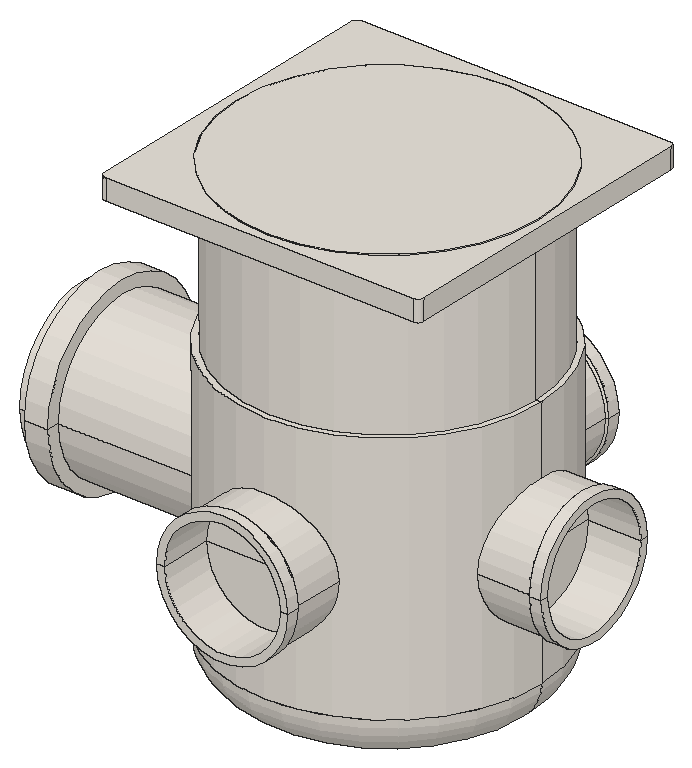
Revit family "Cx_Sif_Quadrada_3E_100x100x150x50", category Pipe Fittings, Revit 2025
Family settings
  Round Connector Dimension = Use Diameter
  Part Type = Multi Port
  OmniClass Number = 23.27.43.00
  Work Plane-Based = No
  Always vertical = Yes
  Cut with Voids When Loaded = No
  Shared = No
Parameters (values of type "Caixa Sif 100X100-150X50-Quadrada-3E")
  Ângulo do Grelha [instance] = 0.00°
  t2 [instance] = size_lookup("Amanco Caixa 100X100-150X50", "t2", 0 mm, Tank Depth Check)  # 4 mm
  t1 [instance] = size_lookup("Amanco Caixa 100X100-150X50", "t1", 0 mm, Tank Depth Check)  # 8 mm
  product_serie = "Esgoto"
  material = Amanco Esgoto Caixas e Ralos
  j1 [instance] = size_lookup("Amanco Caixa 100X100-150X50", "j1", 0 mm, Tank Depth Check)  # 5 mm
  Z3 [instance] = size_lookup("Amanco Caixa 100X100-150X50", "Z3", 0 mm, Tank Depth Check)  # 101.71 mm
  Z2 [instance] = size_lookup("Amanco Caixa 100X100-150X50", "Z2", 0 mm, Tank Depth Check)  # 52.9 mm
  Z1 [instance] = size_lookup("Amanco Caixa 100X100-150X50", "Z1", 0 mm, Tank Depth Check)  # 65.19 mm
  Ws [instance] = size_lookup("Amanco Caixa 100X100-150X50", "Ws", 0 mm, Tank Depth Check)  # 45 mm
  Vis Prolongamento [instance] = and(Prolongamento, not(Altura do Grelha Check = P3 + 7 mm))  # yes
  Vis Grelha Vórtice Inox Redonda [instance] = and(or(Tipo de Caixa = [100x100x50 Redonda Grelha Branca], Tipo de Caixa = [100x150x50 Redonda Grelha Branca]), Tipo de Grelha = [Grelha Vórtice Inox Abre/Fecha])  # no
  Vis Grelha Vórtice Inox Quadrada [instance] = and(or(Tipo de Caixa = [100x100x50 Quadrada Grelha Aluminio], Tipo de Caixa = [100x150x50 Quadrada Grelha Aluminio]), Tipo de Grelha = [Grelha Vórtice Inox Abre/Fecha])  # no
  Vis Grelha Vórtice Branca Redonda [instance] = and(or(Tipo de Caixa = [100x100x50 Redonda Grelha Branca], Tipo de Caixa = [100x150x50 Redonda Grelha Branca]), Tipo de Grelha = [Grelha Vórtice Branca Abre/Fecha])  # no
  Vis Grelha Vórtice Branca Quadrada [instance] = and(Tipo de Caixa = [100x100x50 Quadrada Grelha Branca], Tipo de Grelha = [Grelha Vórtice Branca Abre/Fecha])  # no
  Vis Disp anti Infiltration [instance] = and(Prolongamento, Disp. Anti Infiltração, Altura do Grelha > 39 mm + 7 mm + P3)  # no
  UniClass Version = 2015
  UniClass Title = "Unplasticized polyvinyl chloride (PVC-U) drainage pipe and fittings"
  UniClass Number = "65.52.63.87"
  URL = "https://www.wavin.com/pt-br/Catalogo/Predial/Sistemas-Sanitarios/Caixas"
  Type IFC Predefined Type = "CONNECTOR"
  Tipo de Grelha [instance] = Tipo de Grelha : Grelha Branca
  Line [instance] = if(Tipo de Caixa = [100x100x50 Quadrada Grelha Branca], 1, if(Tipo de Caixa = [100x100x50 Quadrada Grelha Aluminio], 1, if(Tipo de Caixa = [100x150x50 Quadrada Grelha Aluminio], 1, if(Tipo de Caixa = [100x100x50 Redonda Grelha Branca], 2, if(Tipo de Caixa = [100x150x50 Redonda Grelha Branca], 2, 0)))))  # 2
  Grelha Vórtice Inox Abre/Fecha [instance] = Tipo de Grelha : Grelha Vórtice Inox Abre/Fecha
  Grelha Vórtice Branca Abre/Fecha [instance] = Tipo de Grelha : Grelha Vórtice Branca Abre/Fecha
  Grelha Vórtice [instance] = and(not(Tipo de Grelha = Grelha Branca), not(Tipo de Grelha = Grelha Alumínio))  # no
  Grelha Branca [instance] = Tipo de Grelha : Grelha Branca
  Grelha Alumínio [instance] = Tipo de Grelha : Grelha Alumínio
  Export Type to IFC As = "IfcPipeFitting"
  Default Elevation = 0 mm
  Type Comments = "Esgoto"  # constant formula
  TipodeAtivo = "Fixo"
  TempoUtil = 50
  Tank Depth Check [instance] = if(or(Tipo de Caixa = [100x150x50 Quadrada Grelha Aluminio], Tipo de Caixa = [100x150x50 Redonda Grelha Branca]), 150 mm, 100 mm)  # 100 mm
  Tamanho = "n/a"
  ResponsávelGarantiaTrabalho = "n/a"
  ResponsávelGarantiaPeças = "n/a"
  ReferenciadoModelo [instance] = Product Description  # "CAIXA SIF QD G. BRANCA RED DN100X100XDN50"
  Prolongamento [instance] = yes
  Produtor = "Amanco Wavin"
  OmniClass Version = 2012
  NumerodoModelo [instance] = Catalogue Code  # "20784"
  Norma [instance] = "NBR 8160/NBR 10844"  # constant formula
  Material = "PVC"
  Keynote = "15150"
  Grupo  Amanco [instance] = ""
  Forma = "n/a"
  DuraçaoUnidade = "Anos"
  DuraçaoGarantiaUnidade = "Anos"
  DuraçaoGarantiaTrabalho = "n/a"
  DuraçaoGarantiaPeças = "n/a"
  Do Extension [instance] = size_lookup("Amanco Caixas Extention", "Do1", 0 mm, Diam Extention) / 2  # 50.8 mm
  Disp. Anti Infiltração [instance] = no
  Disp. Anti Espuma-Inseto [instance] = no
  DescriçãoGarantia = "n/a"
  CriadoPela = "Wavin LATAM"
  CriadoEm = "2020-06-19"
  Cor = "Bege"
  Comprimento da Prolongamento [instance] = if(or(not(Prolongamento), Altura do Grelha < P3 + 7 mm + 1 mm), 0 mm, Altura do Grelha - 7 mm)  # 63 mm
  Componentes = "n/a"
  Classe = "n/a"
  Caracteristicas = "n/a"
  Altura do Grelha Check [instance] = if(or(Altura do Grelha < P3 + 7 mm + 1 mm, not(Prolongamento)), P3 + 7 mm, Altura do Grelha)  # 70 mm
  Acabamento = "n/a"
  100x150x50 Quadrada Grelha Aluminio [instance] = Tipo de Caixa : 100x150x50 Quadrada Grelha Aluminio
  100x150x50 Redonda Grelha Branca [instance] = Tipo de Caixa : 100X150X50 Redonda Grelha Branca
  100x100x50 Quadrada Grelha Branca [instance] = Tipo de Caixa : 100X100X50 Quadrada Grelha Branca
  100x100x50 Quadrada Grelha Aluminio [instance] = Tipo de Caixa : 100X100X50 Quadrada Grelha Aluminio
  Solids visible [instance] = yes
  SCB [instance] = 0  # constant formula
  100x100x50 Redonda Grelha Branca [instance] = Tipo de Caixa : 100X100X50 Redonda Grelha Branca
  Radius [instance] = 15 mm  # constant formula
  Product Description [instance] = if(CCB = 20784, "CAIXA SIF QD G. BRANCA RED DN100X100XDN50", if(CCB = 20785, "CAIXA SIF QD G. BRANCA RED DN100X150XDN50", if(CCB = 10360, "CAIXA SIF QD G. ALUMINIO DN100X100XDN50", if(CCB = 20769, "CAIXA SIF QD G. BRANCA DN100X100XDN50", if(CCB = 17314, "CAIXA SIF QD G. ALUMINIO DN100X150XDN50", if(CCB = 10116, "CORPO CX SIF DN100X100XDN50", if(CCB = 11359, "CORPO CX SIF DN100X150XDN50", "0")))))))  # "CAIXA SIF QD G. BRANCA RED DN100X100XDN50"
  Pos Out [instance] = 500 mm - (Ws - Hs)  # 500 mm
  Pid [instance] = 0
  P3 [instance] = size_lookup("Amanco Caixa 100X100-150X50", "P3", 0 mm, Tank Depth Check)  # 14 mm
  P2 [instance] = size_lookup("Amanco Caixa 100X100-150X50", "P2", 0 mm, Tank Depth Check)  # 18 mm
  P1 [instance] = size_lookup("Amanco Caixa 100X100-150X50", "P1", 0 mm, Tank Depth Check)  # 39 mm
  Model = ""
  Metallic Grid [instance] = or(Tipo de Caixa = [100x100x50 Quadrada Grelha Aluminio], Tipo de Caixa = [100x150x50 Quadrada Grelha Aluminio])  # no
  Manufacturer = "Wavin"  # constant formula
  LOD = "LOD400"  # constant formula
  built-in parameter 1114238 [instance] = (empty or 0)
  IfcExportType = "CONNECTOR"  # constant formula
  IfcExportAs = "IfcPipeFitting"  # constant formula
  IfcDescription = Description  # "MULTIPORT"
  Hs-P3 [instance] = Hs - P3  # 31 mm
  Hs [instance] = size_lookup("Amanco Caixa 100X100-150X50", "Hs", 0 mm, Tank Depth Check)  # 45 mm
  Altura do Grelha [instance] = 70 mm
  Tipo de Caixa [instance] = Tipo de Caixa : 100X100X50 Redonda Grelha Branca
  Ds2 [instance] = size_lookup("Amanco Caixa 100X100-150X50", "Ds2", 0 mm, Tank Depth Check) / 2  # 20 mm
  Ds1 [instance] = size_lookup("Amanco Caixa 100X100-150X50", "Ds1", 0 mm, Tank Depth Check) / 2  # 25.65 mm
  Dr2 [instance] = size_lookup("Amanco Caixa 100X100-150X50", "Dr2", 0 mm, Tank Depth Check) / 2  # 22.6 mm
  Dr1 [instance] = size_lookup("Amanco Caixa 100X100-150X50", "Dr1", 0 mm, Tank Depth Check) / 2  # 32 mm
  Do3 [instance] = size_lookup("Amanco Caixa 100X100-150X50", "Do3", 0 mm, Tank Depth Check) / 2  # 52.9 mm
  Do2 [instance] = size_lookup("Amanco Caixa 100X100-150X50", "Do2", 0 mm, Tank Depth Check) / 2  # 21.8 mm
  Do1 [instance] = size_lookup("Amanco Caixa 100X100-150X50", "Do1", 0 mm, Tank Depth Check) / 2  # 27.65 mm
  Diam OUT [instance] = 50 mm  # constant formula
  Diam IN [instance] = 40 mm  # constant formula
  Diam Extention [instance] = 100 mm  # constant formula
  Description = "MULTIPORT"  # constant formula
  Country = "BRA"  # constant formula
  Circular Grid [instance] = or(Tipo de Caixa = [100x100x50 Redonda Grelha Branca], Tipo de Caixa = [100x150x50 Redonda Grelha Branca])  # yes
  Catalogue Code [instance] = if(CCB = 20784, "20784", if(CCB = 20785, "20785", if(CCB = 10360, "10360", if(CCB = 20769, "20769", if(CCB = 20776, "20776", if(CCB = 17314, "17314", if(CCB = 20777, "20777", if(CCB = 10116, "10116", if(CCB = 11359, "11359", "0")))))))))  # "20784"
  CCB [instance] = if(and(Tipo de Caixa = [100x100x50 Quadrada Grelha Branca], not(Grelha Vórtice)), 20769, if(and(Tipo de Caixa = [100x100x50 Quadrada Grelha Branca], Grelha Vórtice), 10116, if(and(Tipo de Caixa = [100x100x50 Quadrada Grelha Aluminio], not(Grelha Vórtice)), 10360, if(and(Tipo de Caixa = [100x100x50 Quadrada Grelha Aluminio], Grelha Vórtice), 10116, if(and(Tipo de Caixa = [100x150x50 Quadrada Grelha Aluminio], not(Grelha Vórtice)), 17314, if(and(Tipo de Caixa = [100x150x50 Quadrada Grelha Aluminio], Grelha Vórtice), 11359, if(and(Tipo de Caixa = [100x100x50 Redonda Grelha Branca], not(Grelha Vórtice)), 20784, if(and(Tipo de Caixa = [100x100x50 Redonda Grelha Branca], Grelha Vórtice), 10116, if(and(Tipo de Caixa = [100x150x50 Redonda Grelha Branca], not(Grelha Vórtice)), 20785, if(and(Tipo de Caixa = [100x150x50 Redonda Grelha Branca], Grelha Vórtice), 11359, 0))))))))))  # 20784
  Assembly Code = "D2030100"
Reference planes
  plane 1 "Center (Front/Back)": y = 0
  plane 2: z = 0
  plane 3 "Center (Left/Right)": x = 0
  plane 4: z = -500
  plane 5: z = 0
  plane 6: z = 31
  plane 7: z = 101
  plane 8: z = 101
Forms (mm)
  Revolve 1, solid, material "Amanco Esgoto Caixas e Ralos" <- "material", detail levels fine
    sketch origin (0, 0, 0) x (-1, 0, 0) y (0, -1, 0)
      loop
        line (0, -27.65) -> (91.19, -27.65) -> (91.19, -32) -> (99.19, -32) -> (99.19, -27.65) -> (104.19, -27.65) -> (104.19, -25.65) -> (65.19, -25.65) -> (65.19, 0) -> (0, 0) -> (0, -27.65)
      axis (0, 0) -> (104.19, 0)
    angle from 0 to 360
  Revolve 2, solid, material "Amanco Esgoto Caixas e Ralos" <- "material", detail levels fine
    sketch origin (0, 52.9, 0) x (0, -1, 0) y (1, 0, 0)
      loop
        line (52.9, 0) -> (52.9, 21.8) -> (-13.2, 21.8) -> (-14, 22.6) -> (-18, 22.6) -> (-18, 20) -> (0, 20) -> (0, 0) -> (52.9, 0)
      axis (-18, 0) -> (52.9, 0)
    angle from 0 to 360
  Revolve 3, solid, material "Amanco Esgoto Caixas e Ralos" <- "material", detail levels fine
    sketch origin (52.9, 0, 0) x (-1, 0, 0) y (0, -1, 0)
      loop
        line (52.9, 0) -> (52.9, 21.8) -> (-13.2, 21.8) -> (-14, 22.6) -> (-18, 22.6) -> (-18, 20) -> (0, 20) -> (0, 0) -> (52.9, 0)
      axis (-18, 0) -> (52.9, 0)
    angle from 0 to 360
  Revolve 4, solid, material "Amanco Esgoto Caixas e Ralos" <- "material", detail levels fine
    sketch origin (0, -52.9, 0) x (0, 1, 0) y (-1, 0, 0)
      loop
        line (52.9, 0) -> (52.9, 21.8) -> (-13.2, 21.8) -> (-14, 22.6) -> (-18, 22.6) -> (-18, 20) -> (0, 20) -> (0, 0) -> (52.9, 0)
      axis (-18, 0) -> (52.9, 0)
    angle from 0 to 360
  Revolve 5, solid, material "Amanco Esgoto Caixas e Ralos" <- "material", detail levels fine
    sketch origin (0, 0, 0) x (1, 0, 0) y (0, 0, 1)
      loop
        line (-52.9, 45) -> (-52.9, -41.71)
        arc (-52.9, -41.71) -> (-48.507, -52.317) -> (-37.9, -56.71) r 15
        line (-37.9, -56.71) -> (0, -56.71) -> (0, 31) -> (-50.8, 31) -> (-50.8, 45) -> (-52.9, 45)
      axis (0, 45) -> (0, -56.71)
    angle from 0 to 360
Cuts and joins
  joined: Revolve 1, Revolve 2, Revolve 3, Revolve 4, Revolve 5
Lines and regions (mm)
  reference lines
    curve 1: line (0, 0, 0) -> (-65.19, 0, 0)
    curve 2: line (0, 52.9, 0) -> (0, 0, 0)
    curve 3: line (52.9, 0, 0) -> (0, 0, 0)
    curve 4: line (0, -52.9, 0) -> (0, 0, 0)
    curve 5: line (0, 0, 0) -> (52.9, 0, 0)
    curve 6: line (0, 0, 0) -> (0, -52.9, 0)
  model lines, detail levels coarse+medium
    curve 7: circle (0, 0, 0) r 50 normal (0, 0, 1)
    curve 8: line (-24.614, 43.522, 0) -> (-24.614, -43.522, 0)
    curve 9: line (-25.114, 43.235, 0) -> (-25.114, -43.235, 0)
    curve 10: line (-25.546, -42.981, 0) -> (-25.546, 42.981, 0)
    curve 11: line (-26.046, 42.68, 0) -> (-26.046, -42.68, 0)
    curve 12: line (-26.567, -42.358, 0) -> (-26.567, 42.358, 0)
    curve 13: line (-27.567, 41.714, 0) -> (-27.567, -41.714, 0)
    curve 14: line (-29.066, 40.684, 0) -> (-29.066, -40.684, 0)
    curve 15: line (-30.489, -39.629, 0) -> (-30.489, 39.629, 0)
    curve 16: line (-32.501, 37.996, 0) -> (-32.501, -37.996, 0)
    curve 17: line (-27.067, 42.04, 0) -> (-27.067, -42.04, 0)
    curve 18: line (-28.566, -41.037, 0) -> (-28.566, 41.037, 0)
    curve 19: line (-28.067, 41.379, 0) -> (-28.067, -41.379, 0)
    curve 20: line (-29.542, -40.339, 0) -> (-29.542, 40.339, 0)
    curve 21: line (-30.042, 39.968, 0) -> (-30.042, -39.968, 0)
    curve 22: line (-30.989, -39.239, 0) -> (-30.989, 39.239, 0)
    curve 23: line (-31.489, 38.839, 0) -> (-31.489, -38.839, 0)
    curve 24: line (-32.001, -38.418, 0) -> (-32.001, 38.418, 0)
    curve 25: line (-33.001, 37.563, 0) -> (-33.001, -37.563, 0)
    curve 26: line (-33.501, -37.118, 0) -> (-33.501, 37.118, 0)
    curve 27: line (-49.607, 6.259, 0) -> (-49.607, -6.259, 0)
    curve 28: line (-34.001, 36.66, 0) -> (-34.001, -36.66, 0)
    curve 29: line (-34.938, -35.768, 0) -> (-34.938, 35.768, 0)
    curve 30: line (-35.804, 34.901, 0) -> (-35.804, -34.901, 0)
    curve 31: line (-36.703, -33.954, 0) -> (-36.703, 33.954, 0)
    curve 32: line (-37.6, -32.958, 0) -> (-37.6, 32.958, 0)
    curve 33: line (-38.1, 32.379, 0) -> (-38.1, -32.379, 0)
    curve 34: line (-48.006, -13.978, 0) -> (-48.006, 13.978, 0)
    curve 35: line (-34.501, 36.19, 0) -> (-34.501, -36.19, 0)
    curve 36: line (-35.346, -35.365, 0) -> (-35.346, 35.365, 0)
    curve 37: line (-36.304, 34.381, 0) -> (-36.304, -34.381, 0)
    curve 38: line (-37.203, -33.405, 0) -> (-37.203, 33.405, 0)
    curve 39: line (-38.6, 31.781, 0) -> (-38.6, -31.781, 0)
    curve 40: line (-39.101, -31.163, 0) -> (-39.101, 31.163, 0)
    curve 41: line (-39.644, 30.469, 0) -> (-39.644, -30.469, 0)
    curve 42: line (-40.266, 29.642, 0) -> (-40.266, -29.642, 0)
    curve 43: line (-40.766, 28.951, 0) -> (-40.766, -28.951, 0)
    curve 44: line (-41.266, 28.234, 0) -> (-41.266, -28.234, 0)
    curve 45: line (-41.766, 27.488, 0) -> (-41.766, -27.488, 0)
    curve 46: line (-42.266, 26.713, 0) -> (-42.266, -26.713, 0)
    curve 47: line (-42.761, -25.914, 0) -> (-42.761, 25.914, 0)
    curve 48: line (-43.406, 24.818, 0) -> (-43.406, -24.818, 0)
    curve 49: line (-43.979, -23.787, 0) -> (-43.979, 23.787, 0)
    curve 50: line (-44.479, 22.838, 0) -> (-44.479, -22.838, 0)
    curve 51: line (-44.879, -22.042, 0) -> (-44.879, 22.042, 0)
    curve 52: line (-45.29, 21.186, 0) -> (-45.29, -21.186, 0)
    curve 53: line (-45.79, 20.083, 0) -> (-45.79, -20.083, 0)
    curve 54: line (-46.479, -18.432, 0) -> (-46.479, 18.432, 0)
    curve 55: line (-47.506, 15.593, 0) -> (-47.506, -15.593, 0)
    curve 56: line (-47.014, 17.02, 0) -> (-47.014, -17.02, 0)
    curve 57: line (-48.645, 11.56, 0) -> (-48.645, -11.56, 0)
    curve 58: line (-49.145, -9.205, 0) -> (-49.145, 9.205, 0)
    curve 59: line (-24.072, 43.824, 0) -> (-24.072, -43.824, 0)
    curve 60: line (-23.679, -44.038, 0) -> (-23.679, 44.038, 0)
    curve 61: line (-23.344, 44.216, 0) -> (-23.344, -44.216, 0)
Text (mm)
  text "®  Wavin" at (-0.074, 40.744, 0), in view "Ref. Level"
Dimensions and locks
  level to plane 4 = 500 mm
  "Pos Out": plane 5 to plane 4
  "Z1": curve 1 to curve 1
  "Ds1": plane 1 "Center (Front/Back)" to Revolve 1 sketch curve
  "Do1": plane 1 "Center (Front/Back)" to Revolve 1 sketch curve
  "Dr1": plane 1 "Center (Front/Back)" to Revolve 1 sketch curve
  "j1": Revolve 1 sketch curve to Revolve 1 sketch curve
  "t1": Revolve 1 sketch curve to Revolve 1 sketch curve
  "P1": Revolve 1 sketch curve to Revolve 1 sketch curve
  "Ds2": curve 2 to Revolve 2 sketch curve
  "P2": Revolve 2 sketch curve to Revolve 2 sketch curve
  "t2": Revolve 2 sketch curve to Revolve 2 sketch curve
  "Do2": curve 2 to Revolve 2 sketch curve
  "Dr2": curve 2 to Revolve 2 sketch curve
  "Ds2": curve 3 to Revolve 3 sketch curve
  "P2": Revolve 3 sketch curve to Revolve 3 sketch curve
  "t2": Revolve 3 sketch curve to Revolve 3 sketch curve
  "Do2": curve 3 to Revolve 3 sketch curve
  "Dr2": curve 3 to Revolve 3 sketch curve
  "Ds2": curve 4 to Revolve 4 sketch curve
  "P2": Revolve 4 sketch curve to Revolve 4 sketch curve
  "t2": Revolve 4 sketch curve to Revolve 4 sketch curve
  "Do2": curve 4 to Revolve 4 sketch curve
  "Dr2": curve 4 to Revolve 4 sketch curve
  "Hs": Revolve 5 sketch curve to level
  "Hs-P3": plane 6 to level
  "Altura do Grelha": plane 7 to plane 6
  "Altura do Grelha Check": plane 8 to plane 6
  "Z2": curve 5 to curve 5
  "Z2": curve 6 to curve 6
  "Do3": nested 2 to Revolve 5 sketch curve
  "Do Extension": nested 2 to Revolve 5 sketch curve
  "Hs-P3": Revolve 5 sketch curve to level
  "Z3": Revolve 5 sketch curve to Revolve 5 sketch curve
  locked: nested 1 to plane 3 "Center (Left/Right)"
  locked: nested 1 to plane 1 "Center (Front/Back)"
  "Radius": radius of Revolve 5 sketch curve
  locked: Revolve 2 sketch curve to Revolve 2 sketch curve (angle 45.00°)
  locked: Revolve 3 sketch curve to Revolve 3 sketch curve (angle 45.00°)
  locked: Revolve 4 sketch curve to Revolve 4 sketch curve (angle 45.00°)
  "Ângulo do Grelha": angle plane 1 "Center (Front/Back)" to nested 1
  aligned and locked: level to plane 2
  aligned and locked: plane 3 "Center (Left/Right)" to curve 1
  aligned and locked: curve 1 to plane 1 "Center (Front/Back)"
  aligned and locked: Revolve 1 sketch curve to curve 1  (x2)
  aligned and locked: Revolve 1 sketch curve to Revolve 1 sketch curve
  aligned and locked: Revolve 1 sketch curve to plane 1 "Center (Front/Back)"
  aligned and locked: Revolve 2 sketch curve to curve 2  (x4)
  aligned and locked: Revolve 3 sketch curve to curve 3  (x4)
  aligned and locked: Revolve 4 sketch curve to curve 4  (x4)
  aligned and locked: plane 3 "Center (Left/Right)" to Revolve 5 sketch curve
  aligned and locked: plane 3 "Center (Left/Right)" to nested 2
  aligned and locked: plane 1 "Center (Front/Back)" to nested 2
  aligned and locked: plane 6 to nested 2
  aligned and locked: nested 1 to plane 8
  aligned and locked: nested 3 to plane 1 "Center (Front/Back)"
  aligned and locked: nested 4 to plane 1 "Center (Front/Back)"
  aligned and locked: nested 4 to plane 3 "Center (Left/Right)"
  aligned and locked: plane 3 "Center (Left/Right)" to curve 5
  aligned and locked: plane 1 "Center (Front/Back)" to curve 5
  aligned and locked: Revolve 5 sketch curve to plane 3 "Center (Left/Right)"
  aligned and locked: nested 5 to plane 1 "Center (Front/Back)"
  aligned and locked: nested 5 to plane 3 "Center (Left/Right)"
  aligned and locked: level to nested 5
  aligned and locked: plane 7 to nested 6
  aligned and locked: plane 7 to nested 7
  aligned and locked: plane 7 to nested 8
  aligned and locked: plane 7 to nested 9
Automatic sketch dimensions
  Revolve 2 sketch curve to curve 2 = 0 mm  (x2)
  Revolve 3 sketch curve to curve 3 = 0 mm  (x2)
  Revolve 4 sketch curve to curve 4 = 0 mm  (x2)
  plane 1 "Center (Front/Back)" to curve 7 = 0 mm
  curve 7 to plane 3 "Center (Left/Right)" = 0 mm
  curve 60 to curve 61 = 0.335 mm
  curve 59 to curve 60 = 0.394 mm
  curve 8 to curve 59 = 0.542 mm
  curve 9 to curve 8 = 0.5 mm
  curve 10 to curve 9 = 0.432 mm
  curve 11 to curve 10 = 0.5 mm
  curve 12 to curve 11 = 0.521 mm
  curve 17 to curve 12 = 0.5 mm
  curve 13 to curve 17 = 0.5 mm
  curve 19 to curve 13 = 0.5 mm
  curve 18 to curve 19 = 0.499 mm
  curve 14 to curve 18 = 0.5 mm
  curve 20 to curve 14 = 0.476 mm
  curve 21 to curve 20 = 0.5 mm
  curve 15 to curve 21 = 0.447 mm
  curve 22 to curve 15 = 0.5 mm
  curve 23 to curve 22 = 0.5 mm
  curve 24 to curve 23 = 0.512 mm
  curve 16 to curve 24 = 0.5 mm
  curve 25 to curve 16 = 0.5 mm
  curve 26 to curve 25 = 0.5 mm
  curve 28 to curve 26 = 0.5 mm
  curve 35 to curve 28 = 0.5 mm
  curve 29 to curve 35 = 0.438 mm
  curve 36 to curve 29 = 0.408 mm
  curve 30 to curve 36 = 0.458 mm
  curve 37 to curve 30 = 0.5 mm
  curve 31 to curve 37 = 0.399 mm
  curve 38 to curve 31 = 0.5 mm
  curve 32 to curve 38 = 0.397 mm
  curve 33 to curve 32 = 0.5 mm
  curve 39 to curve 33 = 0.5 mm
  curve 40 to curve 39 = 0.501 mm
  curve 41 to curve 40 = 0.543 mm
  curve 42 to curve 41 = 0.622 mm
  curve 43 to curve 42 = 0.5 mm
  curve 44 to curve 43 = 0.5 mm
  curve 45 to curve 44 = 0.5 mm
  curve 46 to curve 45 = 0.5 mm
  curve 47 to curve 46 = 0.495 mm
  curve 48 to curve 47 = 0.645 mm
  curve 49 to curve 48 = 0.573 mm
  curve 50 to curve 49 = 0.5 mm
  curve 51 to curve 50 = 0.4 mm
  curve 52 to curve 51 = 0.41 mm
  curve 53 to curve 52 = 0.5 mm
  curve 54 to curve 53 = 0.689 mm
  curve 56 to curve 54 = 0.535 mm
  curve 55 to curve 56 = 0.493 mm
  curve 34 to curve 55 = 0.5 mm
  curve 57 to curve 34 = 0.639 mm
  curve 58 to curve 57 = 0.5 mm
  curve 27 to curve 58 = 0.461 mm
  plane 1 "Center (Front/Back)" to curve 27 = 6.259 mm
  curve 60 to curve 61 = 0.178 mm
  Revolve 1 sketch curve to curve 1 = 0 mm
  Revolve 1 sketch curve to curve 1 = 2000 mm
  Revolve 1 sketch curve to Revolve 1 sketch curve = 1895.8 mm
  plane 4 to Revolve 5 sketch curve = 133.955 mm
  plane 7 to Revolve 5 sketch curve = 2118.315 mm
Nested families
  nested 1: "Z_Amanco Esgoto Caixa Sif DN 100  SQ GRID(Nested)" at (0, 0, 101), Use Circular Grid <- "Circular Grid", Use Metallic <- "Metallic Grid", Grupo  Amanco <- "Grupo  Amanco", Line <- "Line", Grelha Vórtice <- "Grelha Vórtice", type "Var."
    with W 110 mm, Vis Square Plastic no, Vis Square Metallic no, Vis Porta Grelha Quadrado GR yes, Vis Porta Grelha Quadrado no, Vis Circular Plastic yes, Use Metallic no, Use Circular Grid yes, Solids visible yes, Radius 2 mm, Product Description "0", Pid 0, Norma "NBR 8160/NBR 10844", Ls 7 mm, Line 2, built-in parameter 1114238 (empty or 0), Grupo  Amanco "", Grid Size Circle 104 mm, Grid Size 104 mm, Grelha Vórtice no, Catalogue Code "0"
  nested 2: "AmancoWavin_ConexõesdeTubos_EsgotoZNãoUsarEsgotoCaixaSifProlongamento" at (0, 0, 31) x (0, 0, 1) z (0, -1, 0), visible <- "Vis Prolongamento", Solids visible <- "Vis Prolongamento", Grupo  Amanco <- "Grupo  Amanco", Length 1 <- "Comprimento da Prolongamento", Diameter N <- "Diam Extention", type "Var."
    with Solids visible yes, ReferenciadoModelo "TUBO ESG SN DN100X6M", Product Description "TUBO ESG SN DN100X6M", Pid 0, NumerodoModelo "10472", Norma "NBR 8160/NBR 10844", Length Check 63 mm, Length 1 63 mm, Length 63 mm, built-in parameter 1114238 (empty or 0), Grupo  Amanco "", Ds1 98 mm, Do1 101.6 mm, Diameter N 100 mm, Diameter "100 mm", Catalogue Code 2 "0", Catalogue Code "10472", CCB 10472
  nested 3: "AmancoWavin_ConexõesdeTubos_EsgotoZNãoUsarDispositivoDispositivoAnti-InsetoeAnti-Espuma" at (70.403, 0, 94), Connection 1 <- "Diam Extention", Solids Visible <- "Disp. Anti Espuma-Inseto", visible <- "Disp. Anti Espuma-Inseto", Grupo  Amanco <- "Grupo  Amanco", type "Var."
    with t1 27.2 mm, j1 56 mm, Z1+t1 39.2 mm, Z1 12 mm, Solids Visible no, SCB 0, ReferenciadoModelo "94817", R2 3 mm, R1 2 mm, Product Description "DISPOSITIVO ANTI INSETO UNIVERSAL DN100", Pid 0, NumerodoModelo "DISPOSITIVO ANTI INSETO UNIVERSAL DN100", Norma "NBR 8160/NBR 10844", built-in parameter 1114238 (empty or 0), Index 0, Grupo  Amanco "", Do1 90.7 mm, Connection 1 100 mm, Catalogue Code 2 "0", Catalogue Code "94817", CCB 94817
  nested 4: "AmancoWavin_ConexõesdeTubos_EsgotoZNãoUsarDispositivoAnti-infiltração" at (70.403, 0, 206), Connection 1 <- "Diam Extention", Solids Visible <- "Vis Disp anti Infiltration", visible <- "Vis Disp anti Infiltration", Grupo  Amanco <- "Grupo  Amanco", type "Var."
    with t1 3 mm, j1 2 mm, a 72.00°, Z1 3 mm, Vis Add no, Solids Visible no, SCB 0, ReferenciadoModelo "10378", R2 3 mm, R1 2 mm, Product Description "ANTIINFILTRACAO DN100", Pid 0, P2 18 mm, P1 18 mm, NumerodoModelo "ANTIINFILTRACAO DN100", Norma "NBR 8160/NBR 10844", built-in parameter 1114238 (empty or 0), Index 0, Grupo  Amanco "", Ds2 75 mm, Ds1 50.8 mm, Dr1 99.75 mm, Do2 77 mm, Do1 52.9 mm, Do0 106.75 mm, Connection 1 100 mm, Catalogue Code 2 "0", Catalogue Code "10378", CCB 10378
  nested 5: "AmancoWavin_ConexõesdeTubos_EsgotoZNãoUsarAneldeVedação" at (70.496, 0, 0), Conexão 1 <- "Diam OUT", Grupo  Amanco <- "Grupo  Amanco", type "Var."
    with Visiility Normal no, Visibility But yes, Solids Visible yes, SCB 0, ReferenciadoModelo "ANEL ORING ESG SBR DN50 DUR40", Product Description "ANEL ORING ESG SBR DN50 DUR40", Pid 0, PSQ (Programa Setorial da Qualidade) "0", NumerodoModelo "90112", Norma Técnica "0", Norma "NBR 5688/NBR 8160", built-in parameter 1114238 (empty or 0), NCM "0", Line 1, Index 90112, Grupo  Amanco "", GTIN/EAN "0", GS1 Digital Link "0", GPC (Global Product Classification) 0, Conexão 1 50 mm, Catalogue Code 2 "90112", Catalogue Code "90112", CCB 90112
  nested 6: "Z_Amanco Esgoto Caixa Sif Grelha Vórtice Quadrada (Nested)" at (0, 0, 100.9) x (0, 1, 0) z (0, 0, 1), Diam Extention <- "Diam Extention", Grupo  Amanco <- "Grupo  Amanco", Vis Grelha Vórtice Inox <- "Vis Grelha Vórtice Inox Quadrada", visible <- "Vis Grelha Vórtice Inox Quadrada", type "Aço Inox Polido", detail levels fine
    with t1 3.5 mm, Vis Grelha Vórtice Inox no, Vis Grelha Vórtice Branca no, Type 2, Solids visible yes, RT "G Vórtice Quadrada", Product Description "GRELHA VORTICE INOX ABRE/FECHA QD DN100", Pid 99069, built-in parameter 1114238 (empty or 0), Grupo  Amanco "", Do1 101.6 mm, Diam Extention 100 mm, Catalogue Code "99069", CCB 99069
  nested 7: "Z_Amanco Esgoto Caixa Sif Grelha Vórtice Quadrada (Nested)" at (0, 0, 100.9) x (0, 1, 0) z (0, 0, 1), Diam Extention <- "Diam Extention", visible <- "Vis Grelha Vórtice Branca Quadrada", Grupo  Amanco <- "Grupo  Amanco", Vis Grelha Vórtice Branca <- "Vis Grelha Vórtice Branca Quadrada", type "Plástica Branca", detail levels fine
    with t1 3.5 mm, Vis Grelha Vórtice Inox no, Vis Grelha Vórtice Branca no, Type 1, Solids visible yes, RT "G Vórtice Quadrada", Product Description "GRELHA VORT ABS BR ABRE/FECHA QUAD DN100", Pid 70580, built-in parameter 1114238 (empty or 0), Grupo  Amanco "", Do1 101.6 mm, Diam Extention 100 mm, Catalogue Code "70580", CCB 70580
  nested 8: "Z_Amanco Esgoto Caixa Sif Grelha Vórtice Redonda (Nested)" at (0, 0, 100.9) x (0, 1, 0) z (0, 0, 1), Diam Extention <- "Diam Extention", visible <- "Vis Grelha Vórtice Branca Redonda", Grupo  Amanco <- "Grupo  Amanco", Vis Grelha Vórtice Branca <- "Vis Grelha Vórtice Branca Redonda", type "Plástica Branca", detail levels fine
    with t1 3.5 mm, Vis Grelha Vórtice Inox no, Vis Grelha Vórtice Branca no, Type 1, Solids visible yes, RT "G Vórtice Redonda", Product Description "GRELHA VORT ABS BR ABRE/FECHA RED DN100", Pid 70568, built-in parameter 1114238 (empty or 0), Grupo  Amanco "", Do1 100 mm, Diam Extention 100 mm, Catalogue Code "70568", CCB 70568
  nested 9: "Z_Amanco Esgoto Caixa Sif Grelha Vórtice Redonda (Nested)" at (0, 0, 100.9) x (-1, 0, 0) z (0, 0, 1), Diam Extention <- "Diam Extention", visible <- "Vis Grelha Vórtice Inox Redonda", Grupo  Amanco <- "Grupo  Amanco", Vis Grelha Vórtice Inox <- "Vis Grelha Vórtice Inox Redonda", type "Aço Inox Polido", detail levels fine
    with t1 3.5 mm, Vis Grelha Vórtice Inox no, Vis Grelha Vórtice Branca no, Type 2, Solids visible yes, RT "G Vórtice Redonda", Product Description "GRELHA VORTICE INOX ABRE/FECHA RED DN100", Pid 99067, built-in parameter 1114238 (empty or 0), Grupo  Amanco "", Do1 100 mm, Diam Extention 100 mm, Catalogue Code "99067", CCB 99067
Connectors
  piping at (-65.19, 0, 0), diameter 50, driven by "Diam OUT"
    settings: on curve 1, index 4, connector inside diameter 609.6 mm, connector length 0 mm, flow factor 0, pipe flow 0.0 L/s, pressure drop 0.0 Pa, fitting loss kfactor 0, connector angle 0.00°, fixture units 0, engagement length 0 mm, angle of deflection 0.00°, flow configuration 0, flow direction 0, fitting loss method 0, system type 29, joint type 0, gender type 0, connector reference index -1, connector utility 0, adjustable connector yes, is connector primary yes, connector description ""
  piping at (0, -52.9, 0), diameter 40, driven by "Diam IN"
    settings: on curve 6, index 5, connector inside diameter 609.6 mm, connector length 0 mm, flow factor 0, pipe flow 0.0 L/s, pressure drop 0.0 Pa, fitting loss kfactor 0, connector angle 0.00°, fixture units 0, engagement length 0 mm, angle of deflection 0.00°, flow configuration 0, flow direction 0, fitting loss method 0, system type 29, joint type 0, gender type 0, connector reference index -1, connector utility 0, adjustable connector yes, is connector primary no, connector description ""
  piping at (52.9, 0, 0), diameter 40, driven by "Diam IN"
    settings: on curve 5, index 6, connector inside diameter 609.6 mm, connector length 0 mm, flow factor 0, pipe flow 0.0 L/s, pressure drop 0.0 Pa, fitting loss kfactor 0, connector angle 0.00°, fixture units 0, engagement length 0 mm, angle of deflection 0.00°, flow configuration 0, flow direction 0, fitting loss method 0, system type 29, joint type 0, gender type 0, connector reference index -1, connector utility 0, adjustable connector yes, is connector primary no, connector description ""
  piping at (0, 52.9, 0), diameter 40, driven by "Diam IN"
    settings: on curve 2, index 7, connector inside diameter 609.6 mm, connector length 0 mm, flow factor 0, pipe flow 0.0 L/s, pressure drop 0.0 Pa, fitting loss kfactor 0, connector angle 0.00°, fixture units 0, engagement length 0 mm, angle of deflection 0.00°, flow configuration 0, flow direction 0, fitting loss method 0, system type 29, joint type 0, gender type 0, connector reference index -1, connector utility 0, adjustable connector yes, is connector primary no, connector description ""
Definition of nested family "Z_Amanco Esgoto Caixa Sif DN 100  SQ GRID(Nested)"
  Parameters (values of type "Var.")
    product_serie = "Esgoto"
    material 2 = none
    material = none
    Vis Square Plastic [instance] = and(not(Grelha Vórtice), not(Use Circular Grid), not(Use Metallic))  # yes
    Vis Square Metallic [instance] = and(not(Grelha Vórtice), not(Use Circular Grid), Use Metallic)  # no
    Vis Porta Grelha Quadrado [instance] = Line = 1  # yes
    Vis Circular Plastic [instance] = and(not(Grelha Vórtice), Use Circular Grid)  # no
    Use Metallic [instance] = no
    URL = "https://www.wavin.com/pt-br/Catalogo/Predial/Sistemas-Sanitarios/Grelhas"
    Vis Porta Grelha Quadrado GR [instance] = Line = 2  # no
    Norma [instance] = "NBR 8160/NBR 10844"  # constant formula
    Line [instance] = 1
    Type IFC Predefined Type = "CONNECTOR"
    Grupo  Amanco [instance] = ""
    Grid Size Circle [instance] = if(Grelha Vórtice, 100 mm, Grid Size)  # 101.6 mm
    Grelha Vórtice [instance] = no
    Export Type to IFC As = "IfcPipeFitting"
    Type Comments = "Esgoto"  # constant formula
    Solids visible [instance] = yes
    Radius [instance] = 2 mm  # constant formula
    Product Description [instance] = if(Pid = 11773, "PORTA GR QD DN100 BRANCO", if(Pid = 11766, "PORTA GR QD P/GRELHA RD DN100 BRANCO", "0"))  # "0"
    Pid [instance] = if(not(Grelha Vórtice), 0, if(Line = 1, 11773, if(Line = 2, 11766, 0)))  # 0
    Model = ""
    Manufacturer = "Wavin"  # constant formula
    LOD = "LOD400"  # constant formula
    built-in parameter 1114238 [instance] = (empty or 0)
    IfcExportType = "CONNECTOR"  # constant formula
    IfcExportAs = "IfcPipeFitting"  # constant formula
    IfcDescription = Description  # "CHAMBER"
    W [instance] = if(Use Circular Grid, 110 mm, 107.6 mm)  # 107.6 mm
    Ls [instance] = 7 mm  # constant formula
    Grid Size [instance] = W - 6 mm  # 101.6 mm
    Description = "CHAMBER"  # constant formula
    Default Elevation = 1219.2 mm
    Country = "BRA"  # constant formula
    Use Circular Grid [instance] = no
    Catalogue Code [instance] = if(Pid = 11773, "11773", if(Pid = 11766, "11766", "0"))  # "0"
    Assembly Code = ""
  Reference planes
    plane 1 "Center (Front/Back)": y = 0
    plane 2: z = 0
    plane 3 "Center (Left/Right)": x = 0
    plane 4: z = -7
    plane 5: z = 0.1
  Forms (mm)
    Extrusion 1, solid, material <- "material", visible <- "Vis Porta Grelha Quadrado", detail levels fine
      sketch origin (0, 0, 0) x (1, 0, 0) y (0, 1, 0)
        loop
          line (-53.8, 51.8) -> (-53.8, -51.8)
          arc (-53.8, -51.8) -> (-53.214, -53.214) -> (-51.8, -53.8) r 2
          line (-51.8, -53.8) -> (51.8, -53.8)
          arc (51.8, -53.8) -> (53.214, -53.214) -> (53.8, -51.8) r 2
          line (53.8, -51.8) -> (53.8, 51.8)
          arc (53.8, 51.8) -> (53.214, 53.214) -> (51.8, 53.8) r 2
          line (51.8, 53.8) -> (-51.8, 53.8)
          arc (-51.8, 53.8) -> (-53.214, 53.214) -> (-53.8, 51.8) r 2
        loop
          line (-50.8, 50.8) -> (-50.8, -50.8) -> (50.8, -50.8) -> (50.8, 50.8) -> (-50.8, 50.8)
      from 0 to -7
    Extrusion 2, solid, material <- "material 2", visible <- "Vis Square Metallic", detail levels fine
      sketch origin (0, 0, 0) x (1, 0, 0) y (0, 1, 0)
        loop
          line (-50.8, 50.8) -> (-50.8, -50.8) -> (50.8, -50.8) -> (50.8, 50.8) -> (-50.8, 50.8)
      from -7 to 0.1
    Extrusion 3, solid, material <- "material", visible <- "Vis Square Plastic", detail levels fine
      sketch origin (0, 0, 0) x (1, 0, 0) y (0, 1, 0)
        loop
          line (-50.8, 50.8) -> (-50.8, -50.8) -> (50.8, -50.8) -> (50.8, 50.8) -> (-50.8, 50.8)
      from -7 to 0.1
    Extrusion 4, solid, material <- "material", visible <- "Vis Circular Plastic", detail levels fine
      sketch origin (0, 0, 0) x (1, 0, 0) y (0, 1, 0)
        loop
          circle (0, 0) r 50.8
      from -7 to 0.1
    Extrusion 5, solid, material <- "material", visible <- "Vis Porta Grelha Quadrado GR", detail levels fine
      sketch origin (135, 0, 0) x (1, 0, 0) y (0, 1, 0)
        loop
          line (-188.8, 51.8) -> (-188.8, -51.8)
          arc (-188.8, -51.8) -> (-188.214, -53.214) -> (-186.8, -53.8) r 2
          line (-186.8, -53.8) -> (-83.2, -53.8)
          arc (-83.2, -53.8) -> (-81.786, -53.214) -> (-81.2, -51.8) r 2
          line (-81.2, -51.8) -> (-81.2, 51.8)
          arc (-81.2, 51.8) -> (-81.786, 53.214) -> (-83.2, 53.8) r 2
          line (-83.2, 53.8) -> (-186.8, 53.8)
          arc (-186.8, 53.8) -> (-188.214, 53.214) -> (-188.8, 51.8) r 2
        loop
          circle (-135, 0) r 50.8
      from 0 to -7
  Lines and regions (mm)
    reference lines
      curve 1: line (0, 0, -7) -> (0, 0, 0)
  Text (mm)
    text "®  Wavin" at (-0.074, 40.744, 0), in view "Ref. Level"
  Dimensions and locks
    equal spacing: Extrusion 1 sketch curve, plane 3 "Center (Left/Right)", Extrusion 1 sketch curve  (x2)
    equal spacing: Extrusion 1 sketch curve, plane 1 "Center (Front/Back)", Extrusion 1 sketch curve  (x2)
    "W": Extrusion 1 sketch curve to Extrusion 1 sketch curve  (x2)
    "Ls": level to Extrusion 1
    equal spacing: Extrusion 3 sketch curve, plane 1 "Center (Front/Back)", Extrusion 3 sketch curve
    equal spacing: Extrusion 3 sketch curve, plane 3 "Center (Left/Right)", Extrusion 3 sketch curve
    "Grid Size": Extrusion 3 sketch curve to Extrusion 3 sketch curve  (x2)
    "Ls": level to plane 4
    Extrusion 4 to level = 0.1 mm
    equal spacing: Extrusion 2 sketch curve, plane 3 "Center (Left/Right)", Extrusion 2 sketch curve
    equal spacing: Extrusion 2 sketch curve, plane 1 "Center (Front/Back)", Extrusion 2 sketch curve
    "Grid Size": Extrusion 2 sketch curve to Extrusion 2 sketch curve  (x2)
    plane 5 to Extrusion 1 = 0.1 mm
    "Grid Size": Extrusion 1 sketch curve to Extrusion 1 sketch curve  (x2)
    Extrusion 1 sketch curve to Extrusion 1 sketch curve = 107.6 mm  (x2)
    Extrusion 5 sketch curve to Extrusion 5 sketch curve = 107.6 mm  (x2)
    "W": Extrusion 5 sketch curve to Extrusion 5 sketch curve  (x3)
    equal spacing: Extrusion 5 sketch curve, plane 1 "Center (Front/Back)", Extrusion 5 sketch curve
    equal spacing: Extrusion 5 sketch curve, plane 3 "Center (Left/Right)", Extrusion 5 sketch curve
    "Radius": radius of Extrusion 1 sketch curve  (x4)
    "Grid Size": diameter of Extrusion 4 sketch curve
    "Radius": radius of Extrusion 5 sketch curve  (x4)
    "Grid Size Circle": diameter of Extrusion 5 sketch curve
    aligned and locked: level to plane 2
    aligned and locked: Extrusion 1 to level
    aligned and locked: plane 1 "Center (Front/Back)" to Extrusion 4 sketch curve
    aligned and locked: plane 3 "Center (Left/Right)" to Extrusion 4 sketch curve
    aligned and locked: Extrusion 1 to Extrusion 3
    aligned and locked: Extrusion 1 to Extrusion 2
    aligned and locked: Extrusion 1 to Extrusion 4
    aligned and locked: plane 5 to Extrusion 4
    aligned and locked: Extrusion 3 to Extrusion 4
    aligned and locked: Extrusion 2 to Extrusion 3
    aligned and locked: plane 4 to curve 1
    aligned and locked: level to curve 1
    aligned and locked: plane 3 "Center (Left/Right)" to curve 1
  Automatic sketch dimensions
    Extrusion 1 sketch curve to Extrusion 1 sketch curve = 0 mm  (x2)
    plane 1 "Center (Front/Back)" to Extrusion 5 sketch curve = 0 mm
    Extrusion 5 sketch curve to plane 3 "Center (Left/Right)" = 0 mm
Definition of nested family "AmancoWavin_ConexõesdeTubos_EsgotoZNãoUsarEsgotoCaixaSifProlongamento"
  Parameters (values of type "Var.")
    product_serie = "Esgoto"
    material = none
    UniClass Version = 2015
    UniClass Title = "Unplasticized polyvinyl chloride (PVC-U) drainage pipe and fittings"
    UniClass Number = "65.52.63.87"
    URL = "https://www.wavin.com/pt-br/cat%C3%A1logo/predial/sistema-sanitario#!"
    Type IFC Predefined Type = "CONNECTOR"
    Export Type to IFC As = "IfcPipeFitting"
    Type Comments = "Esgoto"  # constant formula
    TipodeAtivo = "Fixo"
    TempoUtil = 50
    Tamanho = "n/a"
    Solids visible [instance] = yes
    ResponsávelGarantiaTrabalho = "n/a"
    ResponsávelGarantiaPeças = "n/a"
    ReferenciadoModelo [instance] = Product Description  # "TUBO ESG SN DN200X6M"
    Produtor = "Amanco Wavin"
    OmniClass Version = 2012
    NumerodoModelo [instance] = Catalogue Code  # "16603"
    Norma [instance] = "NBR 8160/NBR 10844"  # constant formula
    Material = "PVC"
    Length 1 [instance] = 150 mm
    Length [instance] = Length 1  # 150 mm
    Keynote = "15150"
    Grupo  Amanco [instance] = ""
    Forma = "n/a"
    DuraçaoUnidade = "Anos"
    DuraçaoGarantiaUnidade = "Anos"
    DuraçaoGarantiaTrabalho = "n/a"
    DuraçaoGarantiaPeças = "n/a"
    Do1 [instance] = size_lookup("Amanco Caixas Extention", "Do1", 0 mm, Diameter N)  # 200 mm
    Product Description [instance] = if(CCB = 10472, "TUBO ESG SN DN100X6M", if(CCB = 90000, "PROLONGADOR DN150X150MM", if(CCB = 90001, "PROLONGADOR DN150X200MM", if(CCB = 10473, "TUBO ESG SN DN150X6M", if(CCB = 90030, "PROLONGADOR DN250X200MM", if(CCB = 11457, "TUBO SERIE LEVE DN250X6M", if(CCB = 91346, "PROLONGADOR DN300 X 420MM", if(CCB = 11458, "TUBO SERIE LEVE DN300X6M", if(CCB = 16603, "TUBO ESG SN DN200X6M", "0")))))))))  # "TUBO ESG SN DN200X6M"
    Pid [instance] = 0
    Model = ""
    Manufacturer = "Wavin"  # constant formula
    LOD = "LOD400"  # constant formula
    built-in parameter 1114238 [instance] = (empty or 0)
    IfcExportType = "CONNECTOR"  # constant formula
    IfcExportAs = "IfcPipeFitting"  # constant formula
    IfcDescription = Description  # "Prolongamento"
    Ds1 [instance] = size_lookup("Amanco Caixas Extention", "Ds1", 0 mm, Diameter N)  # 192.8 mm
    Length Check [instance] = if(Length 1 = 0 mm, 100 mm, Length 1)  # 150 mm
    Diameter [instance] = if(Diameter N = 100 mm, "100 mm", if(Diameter N = 150 mm, "150 mm", if(Diameter N = 200 mm, "200 mm", if(Diameter N = 250 mm, "250 mm", if(Diameter N = 300 mm, "300 mm", "0")))))  # "200 mm"
    DescriçãoGarantia = "n/a"
    Description = "Prolongamento"  # constant formula
    Default Elevation = 1219.2 mm
    CriadoPela = "Wavin LATAM"
    CriadoEm = "2020-06-19"
    Country = "BRA"  # constant formula
    Diameter N [instance] = 200 mm
    Cor = "Bege"
    Componentes = "n/a"
    Classe = "n/a"
    Catalogue Code 2 [instance] = "0"  # constant formula
    Catalogue Code [instance] = if(CCB = 10472, "10472", if(CCB = 90000, "90000", if(CCB = 90001, "90001", if(CCB = 10473, "10473", if(CCB = 90030, "90030", if(CCB = 11457, "11457", if(CCB = 91346, "91346", if(CCB = 11458, "11458", if(CCB = 16603, "16603", "0")))))))))  # "16603"
    Caracteristicas = "n/a"
    CCB [instance] = if(Diameter N = 200 mm, 16603, if(Diameter N = 100 mm, 10472, if(Diameter N = 150 mm, if(Length Check = 150 mm, 90000, if(Length Check = 200 mm, 90001, 10473)), if(Diameter N = 250 mm, if(Length Check = 200 mm, 90030, 11457), if(Diameter N = 300 mm, if(Length Check = 420 mm, 91346, 11458), 0)))))  # 16603
    Assembly Code = "D2030100"
    Acabamento = "n/a"
  Reference planes
    plane 1 "Center (Front/Back)": y = 0
    plane 2: z = 0
    plane 3 "Center (Left/Right)": x = 0
    plane 4: x = 150
  Forms (mm)
    Extrusion 1, solid, material <- "material", visible <- "Solids visible", detail levels fine
      sketch origin (0, 0, 0) x (0, 1, 0) y (0, 0, 1)
        loop
          circle (0, 0) r 100
        loop
          circle (0, 0) r 96.4
      from 0 to 150
  Text (mm)
    text "®  Wavin" at (-0.074, 40.744, 0), in view "Ref. Level"
  Dimensions and locks
    "Length Check": plane 3 "Center (Left/Right)" to plane 4
    "Do1": diameter of Extrusion 1 sketch curve
    "Ds1": diameter of Extrusion 1 sketch curve
    aligned and locked: level to plane 2
    aligned and locked: Extrusion 1 to plane 3 "Center (Left/Right)"
    aligned and locked: level to Extrusion 1 sketch curve  (x2)
    aligned and locked: plane 1 "Center (Front/Back)" to Extrusion 1 sketch curve  (x2)
    aligned and locked: plane 4 to Extrusion 1
Definition of nested family "AmancoWavin_ConexõesdeTubos_EsgotoZNãoUsarDispositivoDispositivoAnti-InsetoeAnti-Espuma"
  Parameters (values of type "Var.")
    t1 [instance] = 27.2 mm  # constant formula
    product_serie = "Esgoto"
    material = none
    Z1+t1 [instance] = Z1 + t1  # 39.2 mm
    UniClass Version = 2015
    UniClass Title = "Unplasticized polyvinyl chloride (PVC-U) drainage pipe and fittings"
    UniClass Number = "65.52.63.87"
    URL = "https://www.wavin.com/pt-br/cat%C3%A1logo/predial/sistema-sanitario/pvc-esgoto-silentium"
    Type IFC Predefined Type = "CONNECTOR"
    Export Type to IFC As = "IfcPipeFitting"
    Type Comments = "Esgoto"  # constant formula
    TipodeAtivo = "Fixo"
    TempoUtil = 50
    Tamanho = "n/a"
    Solids Visible [instance] = yes
    SCB [instance] = 0  # constant formula
    ResponsávelGarantiaTrabalho = "n/a"
    ResponsávelGarantiaPeças = "n/a"
    ReferenciadoModelo [instance] = Catalogue Code  # "94818"
    R2 [instance] = 3 mm  # constant formula
    R1 [instance] = 2 mm  # constant formula
    Produtor = "Amanco Wavin"
    Product Description [instance] = if(CCB = 94817, "DISPOSITIVO ANTI INSETO UNIVERSAL DN100", if(CCB = 94818, "DISPOSITIVO ANTI INSETO UNIVERSAL DN150", "0"))  # "DISPOSITIVO ANTI INSETO UNIVERSAL DN150"
    Pid [instance] = 0
    OmniClass Version = 2012
    NumerodoModelo [instance] = Product Description  # "DISPOSITIVO ANTI INSETO UNIVERSAL DN150"
    Norma [instance] = "NBR 8160/NBR 10844"  # constant formula
    Model = ""
    Material = "PVC"
    Manufacturer = "Wavin"  # constant formula
    LOD = "LOD400"  # constant formula
    Keynote = "15150"
    Index [instance] = 0  # constant formula
    Z1 [instance] = 12 mm  # constant formula
    built-in parameter 1114238 [instance] = (empty or 0)
    IfcExportType = "CONNECTOR"  # constant formula
    IfcExportAs = "IfcPipeFitting"  # constant formula
    IfcDescription = Description  # ""
    j1 [instance] = if(Connection 1 = 100 mm, 1, 1.5) * 56 mm  # 84 mm
    Grupo  Amanco [instance] = ""
    Forma = "n/a"
    DuraçaoUnidade = "Anos"
    DuraçaoGarantiaUnidade = "Anos"
    DuraçaoGarantiaTrabalho = "n/a"
    DuraçaoGarantiaPeças = "n/a"
    Do1 [instance] = if(Connection 1 = 100 mm, 1, 1.5) * 90.7 mm  # 136.05 mm
    DescriçãoGarantia = "n/a"
    Description = ""
    Default Elevation = 0 mm
    CriadoPela = "Wavin LATAM"
    CriadoEm = "25-06-2020"
    Country = "BRA"  # constant formula
    Cor = "Branco"
    Connection 1 [instance] = 150 mm
    Componentes = "n/a"
    Classe = "n/a"
    Catalogue Code 2 [instance] = "0"  # constant formula
    Catalogue Code [instance] = if(CCB = 94817, "94817", if(CCB = 94818, "94818", "0"))  # "94818"
    Caracteristicas = "n/a"
    CCB [instance] = if(Connection 1 = 100 mm, 94817, if(Connection 1 = 150 mm, 94818, 0))  # 94818
    Assembly Code = "D2030100"
    Acabamento = "n/a"
  Reference planes
    plane 1 "Center (Front/Back)": y = 0
    plane 2: z = 0
    plane 3 "Center (Left/Right)": x = -70.403
  Text (mm)
    text "®  Wavin" at (-0.074, 40.744, 0), in view "Ref. Level"
  Dimensions and locks
    aligned and locked: level to plane 2
Definition of nested family "AmancoWavin_ConexõesdeTubos_EsgotoZNãoUsarDispositivoAnti-infiltração"
  Parameters (values of type "Var.")
    product_serie = "Esgoto"
    j1 [instance] = size_lookup("RT AI Device", "j1", 0 mm, Connection 1)  # 2.5 mm
    t1 [instance] = size_lookup("RT AI Device", "t1", 0 mm, Connection 1)  # 3 mm
    material = none
    a [instance] = size_lookup("RT AI Device", "a", 0.00°, Connection 1)  # 70.32°
    Z1 [instance] = size_lookup("RT AI Device", "Z1", 0 mm, Connection 1)  # 3.5 mm
    Vis Add [instance] = and(Solids Visible, Connection 1 = 100 mm)  # no
    UniClass Version = 2015
    UniClass Title = "Unplasticized polyvinyl chloride (PVC-U) drainage pipe and fittings"
    UniClass Number = "65.52.63.87"
    URL = "https://www.wavin.com/pt-br/Catalogo/Predial/Sistemas-Sanitarios/Caixas"
    Type IFC Predefined Type = "CONNECTOR"
    Export Type to IFC As = "IfcPipeFitting"
    Type Comments = "Esgoto"  # constant formula
    TipodeAtivo = "Fixo"
    TempoUtil = 50
    Tamanho = "n/a"
    Solids Visible [instance] = yes
    SCB [instance] = 0  # constant formula
    ResponsávelGarantiaTrabalho = "n/a"
    ResponsávelGarantiaPeças = "n/a"
    ReferenciadoModelo [instance] = Catalogue Code  # "10377"
    R2 [instance] = 3 mm  # constant formula
    R1 [instance] = 2 mm  # constant formula
    Produtor = "Amanco Wavin"
    P2 [instance] = size_lookup("RT AI Device", "P2", 0 mm, Connection 1)  # 16 mm
    P1 [instance] = size_lookup("RT AI Device", "P1", 0 mm, Connection 1)  # 23.5 mm
    Product Description [instance] = if(CCB = 10378, "ANTIINFILTRACAO DN100", if(CCB = 10377, "ANTIINFILTRACAO DN150", "0"))  # "ANTIINFILTRACAO DN150"
    Pid [instance] = 0
    OmniClass Version = 2012
    NumerodoModelo [instance] = Product Description  # "ANTIINFILTRACAO DN150"
    Norma [instance] = "NBR 8160/NBR 10844"  # constant formula
    Model = ""
    Material = "PVC"
    Manufacturer = "Wavin"  # constant formula
    LOD = "LOD400"  # constant formula
    Keynote = "15150"
    Index [instance] = 0  # constant formula
    Grupo  Amanco [instance] = ""
    Forma = "n/a"
    DuraçaoUnidade = "Anos"
    DuraçaoGarantiaUnidade = "Anos"
    DuraçaoGarantiaTrabalho = "n/a"
    DuraçaoGarantiaPeças = "n/a"
    Ds2 [instance] = size_lookup("RT AI Device", "Ds2", 0 mm, Connection 1) / 2  # 75 mm
    Ds1 [instance] = size_lookup("RT AI Device", "Ds1", 0 mm, Connection 1) / 2  # 75 mm
    built-in parameter 1114238 [instance] = (empty or 0)
    IfcExportType = "CONNECTOR"  # constant formula
    IfcExportAs = "IfcPipeFitting"  # constant formula
    IfcDescription = Description  # ""
    Dr1 [instance] = size_lookup("RT AI Device", "Dr1", 0 mm, Connection 1) / 2  # 135 mm
    Do2 [instance] = size_lookup("RT AI Device", "Do2", 0 mm, Connection 1) / 2  # 77 mm
    Do1 [instance] = size_lookup("RT AI Device", "Do1", 0 mm, Connection 1) / 2  # 76.25 mm
    Do0 [instance] = size_lookup("RT AI Device", "Do0", 0 mm, Connection 1) / 2  # 142.5 mm
    DescriçãoGarantia = "n/a"
    Description = ""
    Default Elevation = 1219.2 mm
    CriadoPela = "Wavin LATAM"
    CriadoEm = "25-06-2020"
    Country = "BRA"  # constant formula
    Cor = "Branco"
    Connection 1 [instance] = 150 mm
    Componentes = "n/a"
    Classe = "n/a"
    Catalogue Code 2 [instance] = "0"  # constant formula
    Catalogue Code [instance] = if(CCB = 10378, "10378", if(CCB = 10377, "10377", "0"))  # "10377"
    Caracteristicas = "n/a"
    CCB [instance] = size_lookup("RT AI Device", "CCB", 0, Connection 1)  # 10377
    Assembly Code = "D2030100"
    Acabamento = "n/a"
  Reference planes
    plane 1 "Center (Front/Back)": y = 0
    plane 2: z = 0
    plane 3 "Center (Left/Right)": x = -70.403
  Text (mm)
    text "®  Wavin" at (-0.074, 40.744, 0), in view "Ref. Level"
  Dimensions and locks
    aligned and locked: level to plane 2
Definition of nested family "AmancoWavin_ConexõesdeTubos_EsgotoZNãoUsarAneldeVedação"
  Parameters (values of type "Var.")
    product_serie = "Esgoto"  # constant formula
    material = none
    Visiility Normal [instance] = no
    Visibility But [instance] = yes
    UniClass Version = 2015
    UniClass Title = "Unplasticized polyvinyl chloride (PVC-U) drainage pipe and fittings"
    UniClass Number = "65.52.63.87"
    URL = "https://www.wavin.com/pt-br/cat%C3%A1logo/predial/sistema-sanitario"
    PSQ (Programa Setorial da Qualidade) [instance] = if(CCB = 92825, "PSQ de Tubos e Conexões para Sistemas Prediais de Esgoto Sanitário - ASFAMAS", if(CCB = 92826, "PSQ de Tubos e Conexões para Sistemas Prediais de Esgoto Sanitário - ASFAMAS", if(CCB = 92827, "PSQ de Tubos e Conexões para Sistemas Prediais de Esgoto Sanitário - ASFAMAS", if(CCB = 92828, "PSQ de Tubos e Conexões para Sistemas Prediais de Esgoto Sanitário - ASFAMAS", "0"))))  # "0"
    Keynote = "15150"
    Norma Técnica [instance] = if(CCB = 92825, "ABNT NBR 8160:1999", if(CCB = 92826, "ABNT NBR 8160:1999", if(CCB = 92827, "ABNT NBR 8160:1999", if(CCB = 92828, "ABNT NBR 8160:1999", "0"))))  # "0"
    NCM [instance] = if(CCB = 92825, "3917.40.00", if(CCB = 92826, "3917.40.00", if(CCB = 92827, "3917.40.00", if(CCB = 92828, "3917.40.00", "0"))))  # "0"
    Line [instance] = 1
    Type IFC Predefined Type = "CONNECTOR"
    GTIN/EAN [instance] = if(CCB = 92825, "7891960771764", if(CCB = 92826, "7891960771825", if(CCB = 92827, "7891960771832", if(CCB = 92828, "7891960774284", "0"))))  # "0"
    GS1 Digital Link [instance] = if(CCB = 92825, "https://id.gs1br.org/01/07891960771764", if(CCB = 92826, "https://id.gs1br.org/01/07891960771825", if(CCB = 92827, "https://id.gs1br.org/01/07891960771832", if(CCB = 92828, "https://id.gs1br.org/01/07891960774284", "0"))))  # "0"
    GPC (Global Product Classification) [instance] = if(CCB = 92825, 50191300, if(CCB = 92826, 50191300, if(CCB = 92827, 50191300, if(CCB = 92828, 50191300, 0))))  # 0
    Export Type to IFC As = "IfcPipeFitting"
    Type Comments = "Esgoto"  # constant formula
    TipodeAtivo = "Fixo"
    TempoUtil = 50
    Tamanho = "n/a"
    Solids Visible [instance] = yes
    SCB [instance] = 0  # constant formula
    ResponsávelGarantiaTrabalho = "n/a"
    ResponsávelGarantiaPeças = "n/a"
    ReferenciadoModelo [instance] = Product Description  # "ANEL ORING ESG SBR DN50 DUR40"
    Produtor = "Amanco Wavin"
    Product Description [instance] = if(CCB = 90112, "ANEL ORING ESG SBR DN50 DUR40", if(CCB = 90113, "ANEL ORING ESG SBR DN75 DUR40", if(CCB = 90114, "ANEL ORING ESG SBR DN100 DUR 40", if(CCB = 90115, "ANEL ORING ESG SBR DN150 DUR40", if(CCB = 92825, "ANEL JEBI ESG SBR DN50", if(CCB = 92826, "ANEL JEBI ESG SBR DN75", if(CCB = 92827, "ANEL JEBI ESG SBR DN100 ", if(CCB = 92828, "ANEL JEBI ESG SBR DN150", "0"))))))))  # "ANEL ORING ESG SBR DN50 DUR40"
    Pid [instance] = 0
    OmniClass Version = 2012
    NumerodoModelo [instance] = Catalogue Code  # "90112"
    Norma [instance] = "NBR 5688/NBR 8160"  # constant formula
    Model = ""
    Material = "PVC"
    Manufacturer = "Wavin"  # constant formula
    LOD = "LOD400"  # constant formula
    Index [instance] = if(CCB = 0, SCB, CCB)  # 90112
    built-in parameter 1114238 [instance] = (empty or 0)
    IfcExportType = "CONNECTOR"  # constant formula
    IfcExportAs = "IfcPipeFitting"  # constant formula
    IfcDescription = Description  # "ANEL"
    Grupo  Amanco [instance] = ""
    Forma = "n/a"
    DuraçaoUnidade = "Anos"
    DuraçaoGarantiaUnidade = "Anos"
    DuraçaoGarantiaTrabalho = "n/a"
    DuraçaoGarantiaPeças = "n/a"
    DescriçãoGarantia = "n/a"
    Description = "ANEL"  # constant formula
    Default Elevation = 1219.2 mm
    CriadoPela = "Wavin LATAM"
    CriadoEm = "2020-06-20"
    Country = "BRA"  # constant formula
    Cor = "Preto"
    Conexão 1 [instance] = 50 mm
    Componentes = "n/a"
    Classe = "n/a"
    Catalogue Code 2 [instance] = if(CCB = 90112, "90112", if(CCB = 90113, "90113", if(CCB = 90114, "90114", if(CCB = 90115, "90115", if(CCB = 92825, "92825", if(CCB = 92826, "92826", if(CCB = 92827, "92827", if(CCB = 92828, "92828", "0"))))))))  # "90112"
    Catalogue Code [instance] = if(CCB = 90112, "90112", if(CCB = 90113, "90113", if(CCB = 90114, "90114", if(CCB = 90115, "90115", if(CCB = 92825, "92825", if(CCB = 92826, "92826", if(CCB = 92827, "92827", if(CCB = 92828, "92828", "0"))))))))  # "90112"
    Caracteristicas = "n/a"
    CCB [instance] = size_lookup("Esgoto Anel", "CCB", 0, Conexão 1, Line)  # 90112
    Assembly Code = "D2030100"
    Acabamento = "n/a"
  Reference planes
    plane 1 "Center (Front/Back)": y = 0
    plane 2: z = 0
    plane 3 "Center (Left/Right)": x = -70.496
  Lines and regions (mm)
    model lines
      curve 1: line (-70.496, 0, 0) -> (-70.496, 1, 0)
  Text (mm)
    text "®  Wavin" at (-0.074, 40.744, 0), in view "Ref. Level"
  Dimensions and locks
    aligned and locked: level to plane 2
    aligned and locked: plane 1 "Center (Front/Back)" to curve 1
Definition of nested family "Z_Amanco Esgoto Caixa Sif Grelha Vórtice Quadrada (Nested)"
  Parameters (values of type "Plástica Branca")
    t1 [instance] = size_lookup(RT, "t1", 0 mm, Diam Extention)  # 3.5 mm
    product_serie = "Esgoto"
    Type [instance] = 1
    Material = none
    Vis Grelha Vórtice Branca [instance] = yes
    Vis Grelha Vórtice Inox [instance] = no
    URL = "https://wavin.com/br/s/C50_F501_S779/grelhas"
    Norma = "NBR 8160/NBR 10844"  # constant formula
    RT [instance] = "G Vórtice Quadrada"  # constant formula
    Type IFC Predefined Type = "CONNECTOR"
    Grupo  Amanco [instance] = ""
    Export Type to IFC As = "IfcPipeFitting"
    Do1 [instance] = size_lookup(RT, "Do1", 0 mm, Diam Extention)  # 101.6 mm
    Diam Extention [instance] = 100 mm
    Type Comments = "Esgoto"  # constant formula
    Solids visible [instance] = yes
    Product Description [instance] = if(CCB = 70580, "GRELHA VORT ABS BR ABRE/FECHA QUAD DN100", if(CCB = 70581, "GRELHA VORT ABS BR ABRE/FECHA QUAD DN150", if(CCB = 99069, "GRELHA VORTICE INOX ABRE/FECHA QD DN100", if(CCB = 99070, "GRELHA VORTICE INOX ABRE/FECHA QD DN150", "0"))))  # "GRELHA VORT ABS BR ABRE/FECHA QUAD DN100"
    Pid [instance] = CCB  # 70580
    Model = ""
    Manufacturer = "Wavin"  # constant formula
    LOD = "LOD400"  # constant formula
    built-in parameter 1114238 [instance] = (empty or 0)
    IfcExportType = "CONNECTOR"  # constant formula
    IfcExportAs = "IfcPipeFitting"  # constant formula
